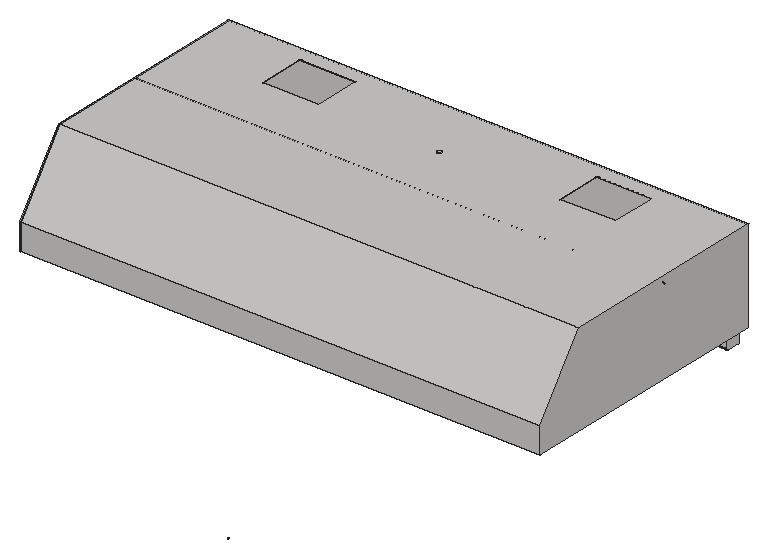
Revit family "QF_ELECTROLUXPROFESSIONAL_644232_ABPV1428BT", category Attrezzature speciali, Revit 2021
Family settings
  Quota connettore circolare = Usa diametro
  Tipo di parte = Normale
  Basato su piano di lavoro = No
  Sempre verticale = Sì
  Taglio con vuoti quando caricato = No
  Condiviso = No
  Punto di calcolo locali = No
Parameters (values of type "Standard")
  Weight = 108.00 kg
  Watts = 840 W
  Volts = 220 V
  URL Manufacturer = "https://www.electroluxprofessional.com/"
  URL = "https://www.electroluxprofessional.com/"
  Steam Supply Size = 0 mm
  Steam Supply Minimum Pressure = 0.0 Pa
  Steam Supply Maximum Pressure = 0.0 Pa
  Steam Consumption per Hour = 0
  Refrigeration Suction Line Size = 0 mm
  Refrigeration Liquid Line Size = 0 mm
  Refrigerant Compressor Remote = yes
  Prospetto di default = 0 mm
  Produttore = "Electrolux Professional"
  Phase = 1
  Modello = "ABPV1428BT"
  Length Actual = 2800 mm  # constant formula
  Item Number = "644232"
  Hot Water Size = 0 mm
  Height Actual = 500 mm  # constant formula
  HP = "1.1 HP"
  Gas Size = 0 mm
  Gas KW = 0
  Gas Input Pressure = 0 W
  Direct Waste Size = 0 mm
  Descrizione = "430 S/S WALL HOOD+FILTER+FAN 2800X1400MM"
  Depth Actual = 1400 mm  # constant formula
  Cycle = 50 Hz
  Condensate Return Size = 0 mm
  Compressed Air Volume = 0.0 L/s
  Compressed Air Size = 0 mm
  Compressed Air Pressure = 0.0 Pa
  Cold Water Size = 0 mm
  Accessory = yes
Reference planes
  plane 1: z = 0
  plane 2 "Center (Left/Right)": x = 150
  plane 3 "LEFT": x = -1250
  plane 4 "RIGHT": x = 1550
  plane 5 "BACK": y = 550
  plane 6 "TOP": z = 2500
  plane 7 "Base": z = 2000
  plane 8: z = 1926
  plane 9 "DrainY": y = 485
  plane 10: x = -1247
  plane 11: through (0, 414.509, 2000.8) normal (0, 0.7314, 0.682)
  plane 12: y = 470
  plane 13: y = 220
  plane 14 "DrainX": x = 1430
  plane 15: x = -500
  plane 16: x = 800
  plane 17: x = -800
  plane 18: x = 1100
  plane 19: x = 1547
  plane 20: x = 1340
  plane 21: x = 1520
  plane 22: x = -1210
  plane 23: x = -845
  plane 24: x = -450
  plane 25: x = 1510
  plane 26: x = 1145
  plane 27: x = 750
  plane 28: z = 2140
  plane 29: y = -590
  plane 30 "Center (Front/Back)": y = -150
  plane 31 "Front": y = -850
Forms (mm)
  Extrusion 1, solid, material "QF_Finishes_Stainless Steel"
    sketch origin (-1250, 0, 360) x (0, 1, 0) y (0, 0, 1)
      loop
        line (550, 1640) -> (550, 2140) -> (-590, 2140) -> (-850, 1780) -> (-850, 1640) -> (550, 1640)
    from 0 to 3
  Extrusion 2, solid, material "QF_Finishes_Stainless Steel"
    sketch origin (150, 0, 360) x (0, 1, 0) y (0, 0, 1)
      loop
        line (415.255, 1640) -> (550, 1640) -> (550, 2139.19) -> (549.2, 2139.19) -> (549.2, 1640.8) -> (415.876, 1640.8) -> (339.347, 1722.867) -> (349.609, 1732.436) -> (348.927, 1733.167) -> (337.934, 1722.917) -> (415.255, 1640)
      loop
        line (-82.203, 2139.19) -> (-82.203, 2118.6) -> (-31.047, 2118.6) -> (34.354, 2048.466) -> (46.028, 2059.352) -> (45.346, 2060.083) -> (34.403, 2049.879) -> (-30.612, 2119.6) -> (-81.203, 2119.6) -> (-81.203, 2139.19) -> (-82.203, 2139.19)
    from -1397 to 1397
  Extrusion 3, solid, material "QF_Finishes_Stainless Steel"
    sketch origin (1550, 0, 360) x (0, 1, 0) y (0, 0, 1)
      loop
        line (550, 1640) -> (550, 2140) -> (-590, 2140) -> (-850, 1780) -> (-850, 1640) -> (550, 1640)
    from 0 to -3
  Extrusion 4, solid, material "QF_Finishes_Stainless Steel"
    sketch origin (150, 0, 360) x (0, 1, 0) y (0, 0, 1)
      loop
        line (550, 2139.19) -> (550, 2140) -> (-590, 2140) -> (-850, 1780) -> (-850, 1640) -> (-849.2, 1640) -> (-849.2, 1779.741) -> (-589.598, 2139.19) -> (550, 2139.19)
    from -1400 to 1400
  Extrusion 5, solid, material "QF_Finishes_Stainless Steel"
    sketch origin (150, 0, 360) x (0, 1, 0) y (0, 0, 1)
      loop
        line (534, 1640) -> (436, 1640) -> (436, 1627) -> (443.5, 1627) -> (443.5, 1576)
        arc (443.5, 1576) -> (446.429, 1568.929) -> (453.5, 1566) r 10
        line (453.5, 1566) -> (516.5, 1566)
        arc (516.5, 1566) -> (523.571, 1568.929) -> (526.5, 1576) r 10
        line (526.5, 1576) -> (526.5, 1627) -> (534, 1627) -> (534, 1640)
    from 1190 to 1370
  Extrusion 6, solid, material "QF_Finishes_Stainless Steel"
    sketch origin (0, 0, 2000) x (0, 1, 0) y (-1, 0, 0)
      loop
        circle (485, -1430) r 20
    from -76 to -74
  Extrusion 7, solid, material "QF_Finished_Chrome"
    sketch origin (150, 0, 360) x (0, 1, 0) y (0, 0, 1)
      loop
        line (337.934, 1722.917) -> (341.591, 1726.327) -> (38.011, 2051.876) -> (34.354, 2048.466) -> (337.934, 1722.917)
    from -995 to -1360
  Extrusion 8, solid, material "QF_Finished_Chrome"
    sketch origin (150, 0, 360) x (0, 1, 0) y (0, 0, 1)
      loop
        line (337.934, 1722.917) -> (341.591, 1726.327) -> (38.011, 2051.876) -> (34.354, 2048.466) -> (337.934, 1722.917)
    from 600 to -600
  Extrusion 9, solid, material "QF_Finishes_Stainless Steel"
    sketch origin (150, 0, 360) x (0, 1, 0) y (0, 0, 1)
      loop
        line (337.934, 1722.917) -> (341.591, 1726.327) -> (38.011, 2051.876) -> (34.354, 2048.466) -> (337.934, 1722.917)
    from 1397 to 1360
  Extrusion 10, solid, material "QF_Finishes_Stainless Steel"
    sketch origin (150, 0, 360) x (0, 1, 0) y (0, 0, 1)
      loop
        line (341.588, 1726.324) -> (38.009, 2051.874) -> (34.354, 2048.466) -> (337.934, 1722.917) -> (341.588, 1726.324)
    from -995 to -600
  Extrusion 11, solid, material "QF_Finished_Chrome"
    sketch origin (150, 0, 360) x (0, 1, 0) y (0, 0, 1)
      loop
        line (341.588, 1726.324) -> (38.009, 2051.874) -> (34.354, 2048.466) -> (337.934, 1722.917) -> (341.588, 1726.324)
    from 995 to 1360
  Extrusion 12, void
    sketch origin (0, 0, 2500) x (0, 1, 0) y (-1, 0, 0)
      loop
        line (470, 800) -> (220, 800) -> (220, 500) -> (470, 500) -> (470, 800)
    from 0 to -10
  Extrusion 13, void
    sketch origin (940, 0, 2500) x (0, 1, 0) y (-1, 0, 0)
      loop
        line (470, 140) -> (220, 140) -> (220, -160) -> (470, -160) -> (470, 140)
    from 0 to -10
  Extrusion 14, solid, material "QF_Finishes_Stainless Steel"
    sketch origin (0, 0, 0) x (1, 0, 0) y (0, 1, 0)
      loop
        line (-1250, 550) -> (-1250, 549) -> (-1249, 549) -> (-1249, 550) -> (-1250, 550)
    from 0 to 1
  Extrusion 15, solid, material "QF_Finishes_Stainless Steel"
    sketch origin (150, 0, 360) x (0, 1, 0) y (0, 0, 1)
      loop
        line (337.934, 1722.917) -> (341.591, 1726.327) -> (38.011, 2051.876) -> (34.354, 2048.466) -> (337.934, 1722.917)
    from -1360 to -1397
  Extrusion 16, solid, material "QF_Finishes_Stainless Steel"
    sketch origin (150, 0, 360) x (0, 1, 0) y (0, 0, -1)
      loop
        line (341.588, -1726.324) -> (337.934, -1722.917) -> (34.354, -2048.466) -> (38.009, -2051.874) -> (341.588, -1726.324)
    from -995 to -600
  Extrusion 17, solid, material "QF_Finishes_Stainless Steel"
    sketch origin (0, 0, 2500) x (0, 1, 0) y (-1, 0, 0)
      loop
        circle (220, -150) r 10
    from 0 to 1.6
Cuts and joins
  Extrusion 12, Extrusion 13 cuts Extrusion 4
  joined: Extrusion 2, Extrusion 4
Lines and regions (mm)
  reference lines
    curve 1: line (150, 34.354, 2408.466) -> (150, 34.354, 2248.466)
  symbolic lines, style "SpecialityEquipment", detail levels coarse
    curve 2: line (1550, 550, 2500) -> (-1250, 550, 2500)
    curve 3: line (-1250, 550, 2500) -> (-1250, -850, 2500)
    curve 4: line (1550, -850, 2500) -> (1550, 550, 2500)
    curve 5: line (-1250, -850, 2500) -> (1550, -850, 2500)
    curve 6: line (-800, 220, 2500) -> (-500, 220, 2500)
    curve 7: line (-800, 470, 2500) -> (-800, 220, 2500)
    curve 8: line (-500, 470, 2500) -> (-800, 470, 2500)
    curve 9: line (-500, 220, 2500) -> (-500, 470, 2500)
    curve 10: line (800, 470, 2500) -> (800, 220, 2500)
    curve 11: line (800, 220, 2500) -> (1100, 220, 2500)
    curve 12: line (1100, 470, 2500) -> (800, 470, 2500)
    curve 13: line (1100, 220, 2500) -> (1100, 470, 2500)
    curve 14: line (-1250, -590, 0) -> (1550, -590, 0)
    curve 15: line (-1250, 550, 0) -> (1550, -590, 0)
    curve 16: line (1550, 550, 0) -> (-1250, -590, 0)
Dimensions and locks
  plane 3 "LEFT" to plane 4 "RIGHT" = 2800 mm
  equal spacing: plane 3 "LEFT", plane 2 "Center (Left/Right)", plane 4 "RIGHT"
  locked: plane 6 "TOP" to plane 7 "Base" at 500
  plane 7 "Base" to plane 8 = 74 mm
  plane 5 "BACK" to plane 9 "DrainY" = 65 mm  (x2)
  plane 3 "LEFT" to plane 10 = 3 mm
  plane 5 "BACK" to plane 12 = 80 mm
  plane 12 to plane 13 = 250 mm  (x2)
  plane 14 "DrainX" to plane 4 "RIGHT" = 120 mm
  locked: plane 15 to plane 16 at 1300
  equal spacing: plane 15, plane 2 "Center (Left/Right)", plane 16
  plane 17 to plane 15 = 300 mm
  plane 16 to plane 18 = 300 mm
  plane 19 to plane 4 "RIGHT" = 3 mm
  locked: plane 20 to plane 14 "DrainX" at 90
  locked: plane 14 "DrainX" to plane 21 at 90
  plane 12 to plane 5 "BACK" = 80 mm
  locked: plane 3 "LEFT" to plane 22 at 40
  locked: plane 22 to plane 23 at 365
  locked: plane 23 to plane 24 at 395
  locked: plane 25 to plane 26 at 365
  locked: plane 26 to plane 27 at 395
  locked: plane 25 to plane 4 "RIGHT" at 40
  plane 24 to plane 27 = 1200 mm
  plane 28 to plane 7 "Base" = 140 mm
  locked: plane 7 "Base" to level at 2000
  plane 5 "BACK" to plane 31 "Front" = 1400 mm  (x2)
  equal spacing: plane 5 "BACK", plane 30 "Center (Front/Back)", plane 31 "Front"
  aligned and locked: level to plane 1
  aligned and locked: Extrusion 2 to Extrusion 1
  aligned and locked: Extrusion 2 to Extrusion 3
  aligned and locked: plane 4 "RIGHT" to Extrusion 4
  aligned and locked: Extrusion 4 to plane 3 "LEFT"
  aligned and locked: plane 19 to Extrusion 9
  aligned and locked: plane 17 to Extrusion 12
  aligned and locked: Extrusion 12 to plane 15
  aligned and locked: Extrusion 12 to plane 13
  aligned and locked: Extrusion 12 to plane 12
  aligned and locked: Extrusion 13 to plane 18
  aligned and locked: plane 16 to Extrusion 13
  aligned and locked: plane 21 to Extrusion 5
  aligned and locked: Extrusion 5 to plane 20
  aligned and locked: Extrusion 9 to plane 25
  aligned and locked: Extrusion 11 to plane 25
  aligned and locked: Extrusion 11 to plane 26
  aligned and locked: Extrusion 8 to plane 27
  aligned and locked: Extrusion 8 to plane 24
  aligned and locked: plane 24 to Extrusion 10
  aligned and locked: Extrusion 10 to plane 23
  aligned and locked: plane 23 to Extrusion 7
  aligned and locked: Extrusion 7 to plane 22
  aligned and locked: Extrusion 15 to plane 10
  aligned and locked: plane 22 to Extrusion 15
  aligned and locked: Extrusion 16 to plane 27
  aligned and locked: Extrusion 16 to plane 26
  aligned and locked: Extrusion 3 to plane 19
Automatic sketch dimensions
  Extrusion 2 sketch curve to plane 11 = 0 mm  (x3)
  Extrusion 2 sketch curve to plane 7 "Base" = 0 mm
  plane 11 to Extrusion 2 sketch curve = 0 mm
  Extrusion 2 sketch curve to plane 5 "BACK" = 0 mm
  Extrusion 2 sketch curve to Extrusion 2 sketch curve = 65.646 mm
  Extrusion 2 sketch curve to Extrusion 2 sketch curve = 0.682 mm  (x2)
  Extrusion 2 sketch curve to Extrusion 2 sketch curve = 10.261 mm
  plane 7 "Base" to Extrusion 2 sketch curve = 82.917 mm
  Extrusion 2 sketch curve to Extrusion 2 sketch curve = 10.942 mm
  Extrusion 2 sketch curve to Extrusion 2 sketch curve = 0.049 mm
  Extrusion 2 sketch curve to plane 6 "TOP" = 20.4 mm
  Extrusion 2 sketch curve to plane 6 "TOP" = 21.4 mm
  Extrusion 2 sketch curve to plane 6 "TOP" = 0.81 mm  (x2)
  Extrusion 2 sketch curve to Extrusion 2 sketch curve = 50.156 mm
  Extrusion 2 sketch curve to Extrusion 2 sketch curve = 1 mm
  plane 7 "Base" to Extrusion 2 sketch curve = 0.8 mm
  Extrusion 2 sketch curve to plane 5 "BACK" = 0.8 mm
  curve 1 to plane 11 = 0 mm
  Extrusion 5 sketch curve to plane 7 "Base" = 0 mm
  Extrusion 5 sketch curve to plane 8 = 0 mm
  Extrusion 5 sketch curve to plane 7 "Base" = 13 mm  (x2)
  plane 12 to Extrusion 5 sketch curve = 34 mm
  Extrusion 5 sketch curve to Extrusion 5 sketch curve = 7.5 mm  (x2)
  Extrusion 5 sketch curve to Extrusion 5 sketch curve = 10 mm
  plane 9 "DrainY" to Extrusion 5 sketch curve = 31.5 mm
  Extrusion 5 sketch curve to plane 5 "BACK" = 23.5 mm
  Extrusion 6 sketch curve to plane 9 "DrainY" = 0 mm
  Extrusion 6 sketch curve to plane 14 "DrainX" = 0 mm
  Extrusion 7 sketch curve to plane 11 = 0 mm  (x2)
  Extrusion 7 sketch curve to Extrusion 7 sketch curve = 3.657 mm
  plane 7 "Base" to Extrusion 7 sketch curve = 82.917 mm
  Extrusion 8 sketch curve to plane 11 = 0 mm  (x2)
  Extrusion 8 sketch curve to Extrusion 8 sketch curve = 3.657 mm
  plane 7 "Base" to Extrusion 8 sketch curve = 82.917 mm
  Extrusion 9 sketch curve to plane 11 = 0 mm  (x2)
  Extrusion 9 sketch curve to Extrusion 9 sketch curve = 3.657 mm
  plane 7 "Base" to Extrusion 9 sketch curve = 82.917 mm
  Extrusion 10 sketch curve to plane 11 = 0 mm  (x2)
  Extrusion 10 sketch curve to Extrusion 10 sketch curve = 3.655 mm
  plane 7 "Base" to Extrusion 10 sketch curve = 82.917 mm
  Extrusion 11 sketch curve to plane 11 = 0 mm  (x2)
  Extrusion 11 sketch curve to Extrusion 11 sketch curve = 3.655 mm
  plane 7 "Base" to Extrusion 11 sketch curve = 82.917 mm
  Extrusion 12 sketch curve to plane 13 = 0 mm
  plane 12 to Extrusion 12 sketch curve = 0 mm
  Extrusion 12 sketch curve to plane 15 = 0 mm
  Extrusion 12 sketch curve to plane 17 = 0 mm
  Extrusion 13 sketch curve to plane 13 = 0 mm
  plane 12 to Extrusion 13 sketch curve = 0 mm
  Extrusion 13 sketch curve to plane 18 = 0 mm
  Extrusion 13 sketch curve to plane 16 = 0 mm
  Extrusion 14 sketch curve to plane 3 "LEFT" = 0 mm
  Extrusion 14 sketch curve to plane 5 "BACK" = 0 mm
  plane 3 "LEFT" to Extrusion 14 sketch curve = 1 mm
  Extrusion 14 sketch curve to plane 5 "BACK" = 1 mm
  Extrusion 15 sketch curve to plane 11 = 0 mm  (x2)
  Extrusion 15 sketch curve to Extrusion 15 sketch curve = 3.657 mm
  plane 7 "Base" to Extrusion 15 sketch curve = 82.917 mm
  Extrusion 16 sketch curve to plane 11 = 0 mm  (x2)
  Extrusion 16 sketch curve to Extrusion 16 sketch curve = 3.655 mm
  plane 7 "Base" to Extrusion 16 sketch curve = 82.917 mm
  curve 1 to curve 1 = 160 mm
  Extrusion 4 sketch curve to plane 6 "TOP" = 0 mm
  Extrusion 4 sketch curve to plane 29 = 0 mm
  Extrusion 4 sketch curve to plane 5 "BACK" = 0 mm
  Extrusion 4 sketch curve to plane 7 "Base" = 0 mm
  Extrusion 4 sketch curve to plane 28 = 0 mm
  Extrusion 4 sketch curve to plane 28 = 0.259 mm
  Extrusion 4 sketch curve to Extrusion 4 sketch curve = 0.81 mm
  Extrusion 4 sketch curve to plane 29 = 0.402 mm
  Extrusion 1 sketch curve to plane 6 "TOP" = 0 mm
  Extrusion 1 sketch curve to plane 29 = 0 mm
  Extrusion 1 sketch curve to plane 5 "BACK" = 0 mm
  Extrusion 1 sketch curve to plane 7 "Base" = 0 mm
  Extrusion 1 sketch curve to plane 28 = 0 mm
  Extrusion 3 sketch curve to plane 6 "TOP" = 0 mm
  Extrusion 3 sketch curve to plane 29 = 0 mm
  Extrusion 3 sketch curve to plane 5 "BACK" = 0 mm
  Extrusion 3 sketch curve to plane 7 "Base" = 0 mm
  Extrusion 3 sketch curve to plane 28 = 0 mm
  curve 16 to plane 3 "LEFT" = 0 mm
  curve 15 to plane 3 "LEFT" = 0 mm
  curve 16 to plane 4 "RIGHT" = 0 mm
  curve 14 to plane 4 "RIGHT" = 0 mm
  plane 29 to curve 14 = 0 mm
  curve 16 to plane 5 "BACK" = 0 mm
  curve 15 to plane 5 "BACK" = 0 mm
  Extrusion 17 sketch curve to plane 2 "Center (Left/Right)" = 0 mm
  Extrusion 17 sketch curve to plane 13 = 0 mm
  plane 29 to Extrusion 1 sketch curve = 260 mm
  plane 29 to Extrusion 3 sketch curve = 260 mm
  plane 29 to Extrusion 4 sketch curve = 259.2 mm
  Extrusion 4 sketch curve to Extrusion 4 sketch curve = 0.8 mm
  Extrusion 2 sketch curve to plane 6 "TOP" = 91.534 mm
  plane 28 to curve 1 = 108.466 mm
  Extrusion 7 sketch curve to plane 6 "TOP" = 88.124 mm
  Extrusion 8 sketch curve to plane 6 "TOP" = 88.124 mm
  Extrusion 9 sketch curve to plane 6 "TOP" = 88.124 mm
  Extrusion 10 sketch curve to plane 6 "TOP" = 88.126 mm
  Extrusion 11 sketch curve to plane 6 "TOP" = 88.126 mm
  Extrusion 15 sketch curve to plane 6 "TOP" = 88.124 mm
  Extrusion 16 sketch curve to plane 6 "TOP" = 88.126 mm
  curve 3 to plane 3 "LEFT" = 0 mm
  curve 3 to plane 31 "Front" = 0 mm
  curve 4 to plane 4 "RIGHT" = 0 mm
  curve 9 to plane 13 = 0 mm
  curve 10 to plane 13 = 0 mm
  plane 12 to curve 8 = 0 mm
  plane 12 to curve 12 = 0 mm
  curve 3 to plane 5 "BACK" = 0 mm
  curve 11 to plane 18 = 0 mm
  curve 10 to plane 16 = 0 mm
  curve 6 to plane 15 = 0 mm
  curve 6 to plane 17 = 0 mm
  radius of Extrusion 6 sketch curve = 20 mm
  radius of Extrusion 17 sketch curve = 10 mm
Connectors
  piping at (1430, 485, 1924), diameter 20
    settings: on Extrusion 6, index 1, connector inside diameter 609.6 mm, connector length 0 mm, flow factor 0, pipe flow 0.0 L/s, pressure drop 0.0 Pa, fitting loss kfactor 0, connector angle 0.00°, fixture units 0, engagement length 0 mm, angle of deflection 0.00°, flow configuration 1, flow direction 2, fitting loss method 0, system type 16, joint type 0, gender type 0, connector reference index -1, connector utility 0, adjustable connector no, is connector primary yes, connector description "Drain"
  hvac at (-650, 345, 2500)
    settings: on Extrusion 12, index 2, duct flow 0.0 L/s, flow factor 0, pres drop 0.0 Pa, loss coef 0, conn angle 0.00°, conn width 250 mm, conn height 300 mm, conn diameter 609.6 mm, duct sys type 3, conn prof type 1, flow config 1, flow direction 2, loss method 0, conn ref index -1, conn util no, is conn primary yes, conn desc "EXHAUST OUTLET"
  hvac at (950, 345, 2500)
    settings: on Extrusion 13, index 3, duct flow 0.0 L/s, flow factor 0, pres drop 0.0 Pa, loss coef 0, conn angle 0.00°, conn width 250 mm, conn height 300 mm, conn diameter 609.6 mm, duct sys type 3, conn prof type 1, flow config 1, flow direction 2, loss method 0, conn ref index -1, conn util no, is conn primary no, conn desc "EXHAUST OUTLET"
  electrical at (150, 220, 2501.6), driven by "Volts"
    settings: on Extrusion 17, index 4, voltage 220 V, apparent load 0 VA, apparent load phase1 0 VA, apparent load phase2 0 VA, apparent load phase3 0 VA, power factor 1, load classification "Other", number of poles 1, system type 30, power factor state 1, is connector primary yes, connector utility no, sub classification motor no, connector description "Electrical Connection"
